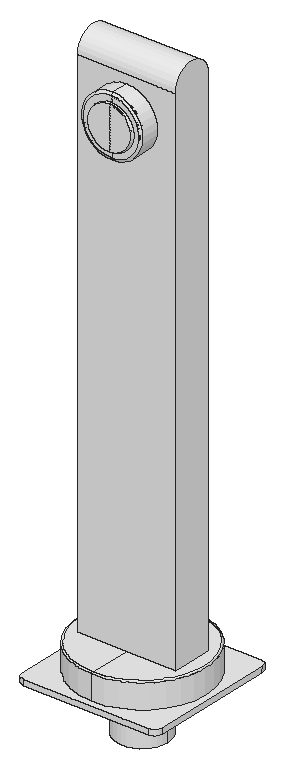
Revit family "Outlet-Bath-Dorf Enigma-Wall5487444c-394c-4278-a50f-5a49c127612d", category Plumbing Fixtures, host Face, Revit 2015
Parameters (values of type "Chrome")
  Width_ANZRS = 223 mm  # constant formula
  Waste Connection = no
  Vent Connection = no
  URL = "http://specify.caroma.com.au"
  Type Comments = "Dorf Enigma Bath Outlet"
  ProductCode = ""
  Product Description = ""
  ModifiedIssue_ANZRS = 20160616.01  # constant formula
  Model = "6592.04"
  Material_ANZRS = Metal-Chrome-Caroma
  Manufacturer = "GWA Bathrooms & Kitchens"  # constant formula
  Length_ANZRS = 55 mm  # constant formula
  Height_ANZRS = 55 mm  # constant formula
  HWFU = 4  # constant formula
  HW Connection = yes
  Description = ""
  Default Elevation = 500 mm
  CreatedBy_ANZRS = "Design Content"  # constant formula
  CreatedByURL_ANZRS = "http://www.designcontent.com.au"
  Country Code = ""
  Cost = 0
  Connector Radius = 10 mm
  CWFU = 4  # constant formula
  CW Connection = yes
  Assembly Code = "C1030210"
Types (3, lengths in mm): name | Type Comments | Model | Material_ANZRS
  (no name) | "Dorf Enigma Bath Outlet" | "6592.04" | Metal-Chrome-Caroma
  Chrome | "Dorf Enigma Bath Outlet" | "6592.04" | Metal-Chrome-Caroma
  Black | "Dorf Enigma Bath Outlet Black" | "6592.09" | Metal-Steel-Powdercoated-Matte Black
Reference planes
  plane 1 "Center (Front/Back)": y = 0
  plane 2: z = 0
  plane 3 "Center (Left/Right)": x = 0
Forms (mm)
  Extrusion 1, solid, material "Metal-Chrome-Caroma" <- "Material_ANZRS"
    sketch origin (0, 0, 0) x (1, 0, 0) y (0, 1, 0)
      loop
        circle (0, 0) r 10
    from -20 to 0
  Revolve 2, solid, material "Metal-Chrome-Caroma" <- "Material_ANZRS"
    sketch origin (0, 0, 0) x (0, 1, 0) y (0, 0, 1)
      loop
        line (-14.579, 211.729) -> (-15.157, 210.729) -> (-15.157, 208.399) -> (-16.116, 208.105) -> (-16.116, 199.729) -> (-7.75, 199.729) -> (-7.75, 211.729) -> (-14.579, 211.729)
      axis (-16.116, 199.729) -> (-7.75, 199.729)
    angle from 0 to 360
  Extrusion 3, solid, material "Metal-Chrome-Caroma" <- "Material_ANZRS"
    sketch origin (0, 0, 0) x (1, 0, 0) y (0, 1, 0)
      loop
        arc (-24.5, 27.5) -> (-26.621, 26.621) -> (-27.5, 24.5) r 3
        line (-27.5, 24.5) -> (-27.5, -24.5)
        arc (-27.5, -24.5) -> (-26.621, -26.621) -> (-24.5, -27.5) r 3
        line (-24.5, -27.5) -> (24.5, -27.5)
        arc (24.5, -27.5) -> (26.621, -26.621) -> (27.5, -24.5) r 3
        line (27.5, -24.5) -> (27.5, 24.5)
        arc (27.5, 24.5) -> (26.621, 26.621) -> (24.5, 27.5) r 3
        line (24.5, 27.5) -> (-24.5, 27.5)
    from 0 to 2
  Extrusion 4, solid, material "Metal-Chrome-Caroma" <- "Material_ANZRS"
    sketch origin (0, 0, 0) x (0, 1, 0) y (0, 0, 1)
      loop
        line (8.25, 12) -> (8.25, 214.975)
        arc (8.25, 214.975) -> (0.25, 222.975) -> (-7.75, 214.975) r 8
        line (-7.75, 214.975) -> (-7.75, 12) -> (8.25, 12)
    from -19.25 to 19.25
  Revolve 5, solid, material "Metal-Chrome-Caroma" <- "Material_ANZRS"
    sketch origin (0, -26.302, -53.928) x (0, 1, 0) y (0, 0, 1)
      loop
        line (51.295, 55.928) -> (51.295, 65.427)
        arc (51.295, 65.427) -> (51.148, 65.781) -> (50.795, 65.927) r 0.5
        line (50.795, 65.927) -> (26.302, 65.927) -> (26.302, 55.928) -> (51.295, 55.928)
      axis (26.302, 65.927) -> (26.302, 55.928)
    angle from 0 to 360
Cuts and joins
  joined: Revolve 2, Extrusion 3
Lines and regions (mm)
  Masking region 1
    outline origin (0, 0, 0) x (1, 0, 0) y (0, 1, 0)
      loop
        line (-27.5, 24.5) -> (-27.5, -24.5)
        arc (-27.5, -24.5) -> (-26.621, -26.621) -> (-24.5, -27.5) r 3
        line (-24.5, -27.5) -> (24.5, -27.5)
        arc (24.5, -27.5) -> (26.621, -26.621) -> (27.5, -24.5) r 3
        line (27.5, -24.5) -> (27.5, 24.5)
        arc (27.5, 24.5) -> (26.621, 26.621) -> (24.5, 27.5) r 3
        line (24.5, 27.5) -> (-24.5, 27.5)
        arc (-24.5, 27.5) -> (-26.621, 26.621) -> (-27.5, 24.5) r 3
  Masking region 2
    outline origin (0, 0, 0) x (1, 0, 0) y (0, 0, 1)
      loop
        line (27.5, 0) -> (27.5, 2) -> (24.993, 2) -> (24.993, 11.5)
        arc (24.993, 11.5) -> (24.846, 11.854) -> (24.493, 12) r 0.5
        line (24.493, 12) -> (19.25, 12) -> (19.25, 222.975) -> (-19.25, 222.975) -> (-19.25, 12) -> (-24.493, 12)
        arc (-24.493, 12) -> (-24.846, 11.854) -> (-24.993, 11.5) r 0.5
        line (-24.993, 11.5) -> (-24.993, 2) -> (-27.5, 2) -> (-27.5, 0) -> (27.5, 0)
  Masking region 3
    outline origin (0, 0, 0) x (0, 1, 0) y (0, 0, 1)
      loop
        line (27.5, 0) -> (27.5, 2) -> (24.992, 2) -> (24.992, 11.5)
        arc (24.992, 11.5) -> (24.846, 11.854) -> (24.492, 12) r 0.5
        line (24.492, 12) -> (8.25, 12) -> (8.25, 214.975)
        arc (8.25, 214.975) -> (0.25, 222.975) -> (-7.75, 214.975) r 8
        line (-7.75, 214.975) -> (-7.75, 211.729) -> (-14.579, 211.729) -> (-15.157, 210.729) -> (-15.157, 208.399) -> (-16.116, 208.105) -> (-16.116, 191.353) -> (-15.157, 191.06) -> (-15.157, 188.729) -> (-14.579, 187.729) -> (-7.75, 187.729) -> (-7.75, 12) -> (-24.492, 12)
        arc (-24.492, 12) -> (-24.846, 11.854) -> (-24.992, 11.5) r 0.5
        line (-24.992, 11.5) -> (-24.992, 2) -> (-27.5, 2) -> (-27.5, 0) -> (27.5, 0)
  symbolic lines, style "Taps/Mixers"
    curve 1: line (24.993, 0, 2) -> (-24.993, 0, 2)
    curve 2: line (19.25, 0, 12) -> (-19.25, 0, 12)
    curve 3: line (0, 27.5, 2) -> (0, -27.5, 2)
    curve 4: line (0, 8.25, 12) -> (0, -7.75, 12)
    curve 5: line (0, -7.75, 187.729) -> (0, -7.75, 211.729)
    curve 6: line (0, -14.579, 187.729) -> (0, -14.579, 211.729)
    curve 7: line (0, -15.157, 210.729) -> (0, -15.157, 188.729)
    curve 8: line (-19.25, 8.25, 0) -> (-19.25, -7.75, 0)
    curve 9: line (19.25, 8.25, 0) -> (-19.25, 8.25, 0)
    curve 10: line (19.25, -7.75, 0) -> (19.25, 8.25, 0)
    curve 11: line (-19.25, -7.75, 0) -> (19.25, -7.75, 0)
    curve 12: line (-12, -14.579, 0) -> (-12, -7.75, 0)
    curve 13: line (12, -14.579, 0) -> (12, -7.75, 0)
    curve 14: line (-12, -14.579, 0) -> (12, -14.579, 0)
    curve 15: line (-12, -14.579, 0) -> (-11, -15.157, 0)
    curve 16: line (-11, -15.157, 0) -> (11, -15.157, 0)
    curve 17: line (11, -15.157, 0) -> (12, -14.579, 0)
    curve 18: line (-8.376, -16.116, 0) -> (-8.669, -15.157, 0)
    curve 19: line (-8.376, -16.116, 0) -> (8.376, -16.116, 0)
    curve 20: line (8.376, -16.116, 0) -> (8.669, -15.157, 0)
    curve 21: circle (0, 0, 0) r 24.992 normal (0, 0, 1)
Dimensions and locks
  "Connector Radius": radius of Extrusion 1 sketch curve
  aligned and locked: plane 2 to host face
  aligned and locked: level to host face
Automatic sketch dimensions
  host sketch curve to host sketch curve = 2438.4 mm  (x2)
  plane 1 "Center (Front/Back)" to Revolve 2 sketch curve = 16.116 mm
  Revolve 2 sketch curve to Revolve 2 sketch curve = 0.959 mm
  Revolve 2 sketch curve to Revolve 2 sketch curve = 0.577 mm
  plane 1 "Center (Front/Back)" to Revolve 2 sketch curve = 7.75 mm
  level to Revolve 2 sketch curve = 199.729 mm
  Revolve 2 sketch curve to Revolve 2 sketch curve = 8.376 mm
  Revolve 2 sketch curve to Revolve 2 sketch curve = 0.293 mm
  Revolve 2 sketch curve to Revolve 2 sketch curve = 2.331 mm
  Revolve 2 sketch curve to Revolve 2 sketch curve = 1 mm
  Revolve 2 sketch curve to Revolve 2 sketch curve = 0 mm  (x2)
  plane 1 "Center (Front/Back)" to Revolve 2 sketch curve = 1.401 mm
  plane 1 "Center (Front/Back)" to Extrusion 4 sketch curve = 7.75 mm
  Extrusion 4 sketch curve to plane 1 "Center (Front/Back)" = 0.25 mm
  level to Extrusion 4 sketch curve = 12 mm
  Extrusion 4 sketch curve to Extrusion 4 sketch curve = 202.975 mm
  Revolve 5 sketch curve to plane 1 "Center (Front/Back)" = 0 mm  (x2)
  level to Revolve 5 sketch curve = 11.5 mm
  Revolve 5 sketch curve to plane 1 "Center (Front/Back)" = 24.492 mm
  Revolve 5 sketch curve to Revolve 5 sketch curve = 0.5 mm
  level to Revolve 5 sketch curve = 2 mm
  Revolve 5 sketch curve to Revolve 5 sketch curve = 0 mm
  Revolve 5 sketch curve to level = 3 mm
  Extrusion 3 sketch curve to plane 3 "Center (Left/Right)" = 27.5 mm
  Extrusion 3 sketch curve to Extrusion 3 sketch curve = 3 mm  (x4)
  plane 3 "Center (Left/Right)" to Extrusion 3 sketch curve = 24.5 mm
  plane 1 "Center (Front/Back)" to Extrusion 3 sketch curve = 27.5 mm
  Extrusion 3 sketch curve to plane 1 "Center (Front/Back)" = 24.5 mm
  Masking region 2 sketch curve to level = 0 mm
  level to Masking region 2 sketch curve = 2 mm  (x2)
  Masking region 2 sketch curve to plane 3 "Center (Left/Right)" = 27.5 mm
  Masking region 2 sketch curve to Masking region 2 sketch curve = 2.507 mm  (x2)
  Masking region 2 sketch curve to Masking region 2 sketch curve = 0.5 mm  (x2)
  Masking region 2 sketch curve to Masking region 2 sketch curve = 5.243 mm  (x2)
  plane 3 "Center (Left/Right)" to Masking region 2 sketch curve = 19.25 mm
  Masking region 2 sketch curve to Masking region 2 sketch curve = 9.5 mm  (x2)
  Masking region 2 sketch curve to Masking region 2 sketch curve = 210.975 mm
  level to curve 1 = 2 mm
  curve 1 to plane 3 "Center (Left/Right)" = 24.993 mm
  curve 1 to curve 2 = 5.743 mm
  plane 3 "Center (Left/Right)" to curve 2 = 19.25 mm
  curve 2 to curve 1 = 5.743 mm
  curve 1 to curve 2 = 10 mm
  level to curve 3 = 2 mm
  plane 1 "Center (Front/Back)" to curve 3 = 27.5 mm
  plane 1 "Center (Front/Back)" to curve 5 = 7.75 mm
  plane 1 "Center (Front/Back)" to curve 4 = 7.75 mm
  curve 4 to plane 1 "Center (Front/Back)" = 8.25 mm
  curve 4 to curve 3 = 19.25 mm
  level to curve 4 = 12 mm
  curve 4 to curve 5 = 175.729 mm
  curve 5 to curve 5 = 24 mm
  Masking region 3 sketch curve to level = 0 mm
  level to Masking region 3 sketch curve = 2 mm  (x2)
  plane 1 "Center (Front/Back)" to Masking region 3 sketch curve = 27.5 mm
  Masking region 3 sketch curve to Masking region 3 sketch curve = 2.508 mm  (x2)
  Masking region 3 sketch curve to Masking region 3 sketch curve = 0.5 mm  (x2)
  plane 1 "Center (Front/Back)" to Masking region 3 sketch curve = 16.116 mm
  Masking region 3 sketch curve to Masking region 3 sketch curve = 0.959 mm  (x2)
  Masking region 3 sketch curve to Masking region 3 sketch curve = 0.577 mm  (x2)
  Masking region 3 sketch curve to Masking region 3 sketch curve = 6.829 mm
  plane 1 "Center (Front/Back)" to Masking region 3 sketch curve = 7.75 mm
  Masking region 3 sketch curve to plane 1 "Center (Front/Back)" = 0.25 mm
  Masking region 3 sketch curve to Masking region 3 sketch curve = 16.242 mm
  Masking region 3 sketch curve to Masking region 3 sketch curve = 9.5 mm  (x2)
  Masking region 3 sketch curve to Masking region 3 sketch curve = 175.729 mm
  Masking region 3 sketch curve to Masking region 3 sketch curve = 1 mm  (x2)
  Masking region 3 sketch curve to Masking region 3 sketch curve = 2.331 mm  (x2)
  Masking region 3 sketch curve to Masking region 3 sketch curve = 0.293 mm  (x2)
  Masking region 3 sketch curve to Masking region 3 sketch curve = 16.752 mm
  Masking region 3 sketch curve to Masking region 3 sketch curve = 3.246 mm
  Masking region 1 sketch curve to plane 3 "Center (Left/Right)" = 27.5 mm
  Masking region 1 sketch curve to Masking region 1 sketch curve = 3 mm  (x4)
  Masking region 1 sketch curve to plane 1 "Center (Front/Back)" = 24.5 mm
  plane 3 "Center (Left/Right)" to Masking region 1 sketch curve = 24.5 mm
  plane 1 "Center (Front/Back)" to Masking region 1 sketch curve = 24.5 mm
  plane 1 "Center (Front/Back)" to curve 21 = 0 mm
  curve 21 to plane 3 "Center (Left/Right)" = 0 mm
  curve 19 to plane 3 "Center (Left/Right)" = 8.376 mm
  curve 16 to curve 18 = 2.624 mm
  curve 14 to curve 15 = 1 mm
  curve 9 to plane 1 "Center (Front/Back)" = 8.25 mm
  curve 9 to curve 12 = 7.25 mm
  plane 3 "Center (Left/Right)" to curve 20 = 8.376 mm
  curve 19 to curve 16 = 2.624 mm
  curve 16 to curve 14 = 1 mm
  curve 13 to curve 10 = 7.25 mm
  plane 1 "Center (Front/Back)" to curve 8 = 7.75 mm
  curve 13 to curve 13 = 6.829 mm
  curve 16 to curve 13 = 0.577 mm
  curve 19 to curve 18 = 0.959 mm
  curve 18 to curve 18 = 0.293 mm
  curve 19 to curve 20 = 0.293 mm
  plane 1 "Center (Front/Back)" to Extrusion 1 sketch curve = 0 mm
  Extrusion 1 sketch curve to plane 3 "Center (Left/Right)" = 0 mm
  radius of curve 21 = 24.992 mm
Connectors
  piping at (0, 0, -20), diameter 20, driven by "HWFU", driven by "Connector Radius"
    settings: on Extrusion 1, index 1, connector inside diameter 0.7874", connector length 0 mm, flow factor 0, pipe flow 0 GPM, pressure drop 0.00 psi, fitting loss kfactor 0, connector angle 0.00°, fixture units 4, engagement length 0 mm, angle of deflection 0.00°, flow configuration 3, flow direction 1, fitting loss method 101, system type 19, joint type 0, gender type 0, connector reference index -1, connector utility 0, adjustable connector no, is connector primary yes, connector description ""
